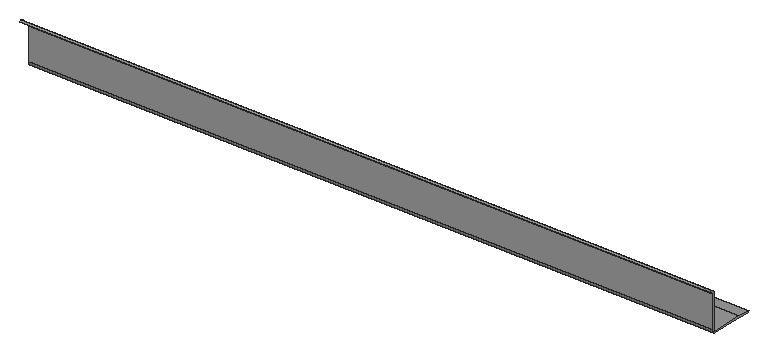
Revit family "SBK 1500-1800", category Generic Models, Revit 2014
Parameters (values of type "Max lintel length 1800mm")
  URL = "http://www.keystonelintels.co.uk"
  Structural Opening [instance] = 1100 mm
  Structural Performance = "The Keystone lintel range has safe working loads as detailed in each applicable loading table in the Keystone Lintel Guide brochure. The structural performance figures within each table have been ascertained by testing in accordance with the requirements of standards BS EN 5977-2: 1983 and BS EN 845-2: 2003."
  RIBA Productor Selector = "available for Keystone Lintels Ltd from Keystone Lintels Ltd from ribaproductselector.com"
  Model = "SB/K 1500-1800"
  Min Length = 1500 mm
  Min Clear Span = 300 mm
  Max Length = 1800 mm
  Max Clear Span = 4800 mm
  Material - Stainless Steel = "Grade 304 2b 1.4307 to BS EN 10088-2. Other grades available on request: contact manufacturer."
  Material - Galvanised Steel = "To BS EN 10346: 2009. DX51D plus Z600 or grade Z275 to BS 5977-2: 1983 (BS EN 845-2: 2003)."
  Manufacturer = "Keystone"
  Manufactured Length [instance] = (roundup(Effective Length / 150 mm) * 150 mm)  # 1500 mm
  Lintel height [instance] = 2100 mm
  Keynote = "F30/755"
  Fire Performance = "Keystone lintels have been subjected to a fire test (WARRES No. 101263) in accordance with BS 476-20: 1987, at Exova Warrington Fire and achieved a one hour fire performance."
  End Bearing = 150 mm
  Effective Length [instance] = Clear Opening with MIN MAX set + End Bearing * 2  # 1400 mm
  Corrosion = "Keystone’s standard range of lintels are manufactured from high quality grade pre-galvanized carbon steel with a zinc coating of 600"
  Contact Tel = "+44 (0)28 8676 2184"
  Contact Email = "info@keystonelintels.co.uk"
  Clear Opening with MIN MAX set [instance] = if(Structural Opening < Min Clear Span, Min Clear Span, (if(Structural Opening > Max Clear Span, Max Clear Span, Structural Opening)))  # 1100 mm
  CPD Information = "Available for Keystone Lintels Ltd from ribacpd.com"
Reference planes
  plane 1 "Center (Front/Back)": y = 0
  plane 2: z = 0
  plane 3 "Center (Left/Right)": x = 0
  plane 4: x = -750
  plane 5: x = 750
  plane 6: z = 2100
  plane 7: x = -550
  plane 8: x = 550
Forms (mm)
  Extrusion 1, solid, material "Steel"
    sketch origin (0, 754.289, -560.666) x (0, 1, 0) y (0, 0, 1)
      loop
        line (-655.999, 2662.986) -> (-681.011, 2663.866) -> (-746.089, 2663.866)
        arc (-746.089, 2663.866) -> (-749.625, 2665.33) -> (-751.089, 2668.866) r 5
        line (-751.089, 2668.866) -> (-751.089, 2740.448)
        arc (-751.089, 2740.448) -> (-751.677, 2742.849) -> (-753.307, 2744.708) r 5.2
        line (-753.307, 2744.708) -> (-776.138, 2760.694) -> (-777.974, 2758.073) -> (-755.569, 2742.385)
        arc (-755.569, 2742.385) -> (-754.628, 2741.313) -> (-754.289, 2739.927) r 3
        line (-754.289, 2739.927) -> (-754.289, 2668.866)
        arc (-754.289, 2668.866) -> (-751.888, 2663.067) -> (-746.089, 2660.666) r 8.2
        line (-746.089, 2660.666) -> (-681.067, 2660.666) -> (-656.111, 2659.788) -> (-655.999, 2662.986)
    from -750 to 750
  Extrusion 2, solid, not visible
    sketch origin (0, 826.843, 1076.792) x (0, 1, 0) y (0, 0, 1)
      loop
        line (-655.999, 1062.986) -> (-681.011, 1063.866) -> (-746.089, 1063.866)
        arc (-746.089, 1063.866) -> (-749.625, 1065.33) -> (-751.089, 1068.866) r 5
        line (-751.089, 1068.866) -> (-751.089, 1140.448)
        arc (-751.089, 1140.448) -> (-751.677, 1142.849) -> (-753.307, 1144.708) r 5.2
        line (-753.307, 1144.708) -> (-776.138, 1160.694) -> (-777.974, 1158.073) -> (-755.569, 1142.385)
        arc (-755.569, 1142.385) -> (-754.628, 1141.313) -> (-754.289, 1139.927) r 3
        line (-754.289, 1139.927) -> (-754.289, 1068.866)
        arc (-754.289, 1068.866) -> (-751.888, 1063.067) -> (-746.089, 1060.666) r 8.2
        line (-746.089, 1060.666) -> (-681.067, 1060.666) -> (-656.111, 1059.788) -> (-655.999, 1062.986)
    from 0 to 250
Dimensions and locks
  equal spacing: plane 4, plane 3 "Center (Left/Right)", plane 5
  "Manufactured Length": plane 4 to plane 5
  "Lintel height": plane 6 to level
  "Structural Opening": plane 7 to plane 8
  equal spacing: plane 7, plane 3 "Center (Left/Right)", plane 8
  aligned and locked: level to plane 2
  aligned and locked: Extrusion 1 to plane 6
  aligned and locked: plane 5 to Extrusion 1
  aligned and locked: Extrusion 1 to plane 4
Automatic sketch dimensions
  Extrusion 1 sketch curve to Extrusion 1 sketch curve = 0.112 mm
  Extrusion 1 sketch curve to Extrusion 1 sketch curve = 25.012 mm
  Extrusion 1 sketch curve to Extrusion 1 sketch curve = 0.056 mm
  Extrusion 1 sketch curve to Extrusion 1 sketch curve = 65.022 mm
  Extrusion 1 sketch curve to Extrusion 1 sketch curve = 0 mm  (x4)
  Extrusion 1 sketch curve to Extrusion 1 sketch curve = 5 mm
  Extrusion 1 sketch curve to Extrusion 1 sketch curve = 71.582 mm
  Extrusion 1 sketch curve to Extrusion 1 sketch curve = 0.521 mm
  Extrusion 1 sketch curve to Extrusion 1 sketch curve = 3 mm
  Extrusion 1 sketch curve to Extrusion 1 sketch curve = 1.279 mm
  Extrusion 1 sketch curve to Extrusion 1 sketch curve = 1 mm
  Extrusion 1 sketch curve to Extrusion 1 sketch curve = 2.262 mm
  Extrusion 1 sketch curve to Extrusion 1 sketch curve = 18.309 mm
  Extrusion 1 sketch curve to Extrusion 1 sketch curve = 1.835 mm
  Extrusion 1 sketch curve to Extrusion 1 sketch curve = 2.621 mm
  Extrusion 2 sketch curve to Extrusion 2 sketch curve = 0.112 mm
  Extrusion 2 sketch curve to Extrusion 2 sketch curve = 25.012 mm
  Extrusion 2 sketch curve to Extrusion 2 sketch curve = 0.056 mm
  Extrusion 2 sketch curve to Extrusion 2 sketch curve = 65.022 mm
  Extrusion 2 sketch curve to Extrusion 2 sketch curve = 0 mm  (x4)
  Extrusion 2 sketch curve to Extrusion 2 sketch curve = 5 mm
  Extrusion 2 sketch curve to Extrusion 2 sketch curve = 71.582 mm
  Extrusion 2 sketch curve to Extrusion 2 sketch curve = 0.521 mm
  Extrusion 2 sketch curve to Extrusion 2 sketch curve = 3 mm
  Extrusion 2 sketch curve to Extrusion 2 sketch curve = 1.279 mm
  Extrusion 2 sketch curve to Extrusion 2 sketch curve = 1 mm
  Extrusion 2 sketch curve to Extrusion 2 sketch curve = 2.262 mm
  Extrusion 2 sketch curve to Extrusion 2 sketch curve = 18.309 mm
  Extrusion 2 sketch curve to Extrusion 2 sketch curve = 1.835 mm
  Extrusion 2 sketch curve to Extrusion 2 sketch curve = 2.621 mm
  Extrusion 1 sketch curve to plane 1 "Center (Front/Back)" = 0 mm
  Extrusion 1 sketch curve to plane 6 = 0 mm
